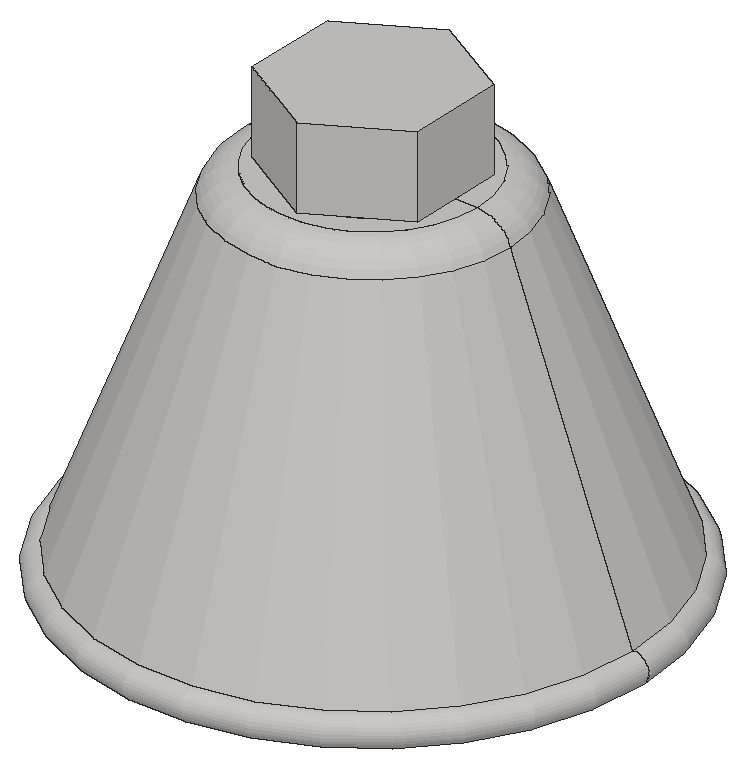
Revit family "Difusores de trompeta CO2_Aguilera Extincion", category Rociadores, Revit 2017
Family settings
  Mantener orientación de anotación = No
  Cota de conector redondo = Radio de uso
  Tipo de pieza = Normal
  Número OmniClass = 23.65.70.17.11.24
  Título OmniClass = Fire Fighting Sprinkler Heads
  Se basa en plano de trabajo = Sí
  Siempre vertical = Sí
  Corte con vacíos al cargar = No
  Compartido = No
  Punto de cálculo de habitación = No
Parameters (values of type "Difusor de trompeta 1/2" hembra")
  URL = "https://aguilera.es/?productos=difusores-de-trompeta-para-co2"
  Símbolo texto modelo = yes
  Símbolo = yes
  Rosca = 12.7 mm
  Rh = Hexagonal / 2  # 13.5 mm
  Respuesta = Norma
  Radio = Rosca / 2  # 6.35 mm
  Orificio = Norma
  Modelo = "AEX/DTCO12C"
  L = 74 mm
  Hr = Altura / 3.5  # 13.143 mm
  Hexagonal = 27 mm
  Fabricante = "Aguilera Extinción"  # constant formula
  Default Elevation = 0 mm
  Diámetro = 6.4 mm
  Descripción = "Componente que permite obtener un caudal predeterminado y una característica de distribución uniforme del agente extintor dentro o sobre el riesgo protegido."  # constant formula
  Dd = Altura / 4  # 11.5 mm
  Cobertura = Norma
  Clase de presión = Norma
  Altura = 46 mm
Types (4, lengths in mm): name | Rosca | Rh | Radio | Modelo | L | Hr | Hexagonal | Dd | Altura
  (no name) | 12.7 | 13.5 | 6.35 | "AEX/DTCO12C" | 74 | 13.143 | 27 | 11.5 | 46
  Difusor de trompeta 3/8" hembra | 9.5 | 11 | 4.75 | "AEX/DTCO38C" | 74 | 10 | 22 | 8.75 | 35
  Difusor de trompeta 1/2" hembra | 12.7 | 13.5 | 6.35 | "AEX/DTCO12C" | 74 | 13.143 | 27 | 11.5 | 46
  Difusor de trompeta 3/4" hembra | 19.1 | 16 | 9.55 | "AEX/DTCO34C" | 82 | 14.286 | 32 | 12.5 | 50
Reference planes
  plane 1 "Centro (Frontal/Posterior)": y = 0
  plane 2: z = 0
  plane 3 "Centro (Izquierda/Derecha)": x = 0
  plane 4: through (4267.2, 0, -48.641) normal (0, -0.866, 0.5)
  plane 5: z = -46
  plane 6: x = -13.5
  plane 7: x = 13.5
  plane 8: through (-11.25, -9.093, 3968.5) normal (0.5, 0.866, 0)
  plane 9: through (-4.5, 2.598, 3968.5) normal (0.5, 0.866, 0)
  plane 10: through (2.25, 14.289, 3968.5) normal (0.5, 0.866, 0)
  plane 11: through (11.25, -9.093, 3968.5) normal (0.5, -0.866, 0)
  plane 12: through (4.5, 2.598, 3968.5) normal (0.5, -0.866, 0)
  plane 13: through (-2.25, 14.289, 3968.5) normal (0.5, -0.866, 0)
  plane 14: z = -13.143
  plane 15: z = -74
Forms (mm)
  Extrusion 1, solid, material "Acero F212 Cromado", detail levels medium+fine
    sketch origin (0, 0, 0) x (1, 0, 0) y (0, 1, 0)
      loop
        line (13.5, 7.794) -> (0, 15.588) -> (-13.5, 7.794) -> (-13.5, -7.794) -> (0, -15.588) -> (13.5, -7.794) -> (13.5, 7.794)
    from 0 to -13.143
  Revolve 2, solid, material "Acero F212 Cromado", detail levels medium+fine
    sketch origin (0, 0, 0) x (1, 0, 0) y (0, 0, 1)
      loop
        line (0, -13.143) -> (-13.5, -13.143) -> (-13.5, -29.571) -> (-12.151, -29.571) -> (-12.151, -46) -> (0, -46) -> (0, -13.143)
      axis (0, -13.143) -> (0, -46)
    angle from 0 to 360
  Extrusion 3, void
    sketch origin (0, 0, 0) x (1, 0, 0) y (0, 0, 1)
      loop
        circle (0, -37.786) r 5.75
    from -15.588 to 15.588
  Extrusion 4, void
    sketch origin (0, 0, 0) x (0, -1, 0) y (0, 0, 1)
      loop
        circle (0, -36) r 5.75
    from -13.5 to 13.5
  Revolve 5, solid, material "Acero F212 Cromado", detail levels medium+fine
    sketch origin (0, 0, 0) x (1, 0, 0) y (0, 0, 1)
      loop
        line (0, -13.143) -> (-17.183, -13.143)
        arc (-17.183, -13.143) -> (-20.447, -14.339) -> (-22.554, -17.105) r 6.195
        line (-22.554, -17.105) -> (-42.466, -69)
        arc (-42.466, -69) -> (-44.966, -71.5) -> (-42.466, -74) r 2.5
        line (-42.466, -74) -> (-40.599, -74)
        arc (-40.599, -74) -> (-40.996, -71.858) -> (-40.599, -69.716) r 5.979
        line (-40.599, -69.716) -> (-20.686, -17.822)
        arc (-20.686, -17.822) -> (-19.314, -15.986) -> (-17.183, -15.143) r 4.207
        line (-17.183, -15.143) -> (0, -15.143) -> (0, -13.143)
      axis (0, -13.143) -> (0, -74)
    angle from 0 to 360
Cuts and joins
  Extrusion 3 cuts Revolve 2
Dimensions and locks
  equal spacing: plane 13, plane 12, plane 11
  "Hexagonal": plane 13 to plane 11
  equal spacing: plane 6, plane 3 "Centro (Izquierda/Derecha)", plane 7
  "Hexagonal": plane 6 to plane 7
  equal spacing: plane 10, plane 9, plane 8
  "Hexagonal": plane 10 to plane 8
  "Altura": plane 2 to plane 5
  "Rh": Revolve 2 sketch curve to Revolve 2 sketch curve
  equal spacing: Extrusion 1, Revolve 2 sketch curve, plane 5
  equal spacing: Revolve 2, Extrusion 3 sketch curve, Revolve 2
  Extrusion 4 sketch curve to plane 5 = 10 mm
  Revolve 2 sketch curve to Revolve 2 sketch curve = 1.349 mm
  "Hr": plane 2 to plane 14
  "L": level to plane 15
  "Dd": diameter of Extrusion 3 sketch curve
  "Dd": diameter of Extrusion 4 sketch curve
  aligned and locked: level to plane 2
  aligned and locked: Extrusion 1 sketch curve to plane 7
  aligned and locked: Extrusion 1 sketch curve to plane 6
  aligned and locked: plane 8 to Extrusion 1 sketch curve
  aligned and locked: plane 10 to Extrusion 1 sketch curve
  aligned and locked: plane 13 to Extrusion 1 sketch curve
  aligned and locked: Extrusion 1 sketch curve to plane 11
  aligned and locked: level to Extrusion 1
  aligned and locked: Revolve 2 sketch curve to Extrusion 1
  aligned and locked: plane 3 "Centro (Izquierda/Derecha)" to Revolve 2 sketch curve
  aligned and locked: Revolve 2 sketch curve to plane 3 "Centro (Izquierda/Derecha)"
  aligned and locked: Revolve 2 sketch curve to plane 5
  aligned and locked: Extrusion 1 to Extrusion 4  (x2)
  aligned and locked: Extrusion 3 to Extrusion 1
  aligned and locked: Extrusion 1 to Extrusion 3
  aligned and locked: Extrusion 1 to plane 14
  aligned and locked: plane 14 to Revolve 5 sketch curve
  aligned and locked: plane 15 to Revolve 5 sketch curve
  aligned and locked: plane 3 "Centro (Izquierda/Derecha)" to Revolve 5 sketch curve
  aligned and locked: Revolve 5 sketch curve to plane 3 "Centro (Izquierda/Derecha)"
Automatic sketch dimensions
  Revolve 5 sketch curve to plane 14 = 6.186 mm
  Revolve 5 sketch curve to plane 3 "Centro (Izquierda/Derecha)" = 16.758 mm
  Revolve 5 sketch curve to Revolve 5 sketch curve = 0.011 mm
  Revolve 5 sketch curve to plane 14 = 2 mm
  Revolve 5 sketch curve to Revolve 5 sketch curve = 0.413 mm
  Revolve 5 sketch curve to Revolve 5 sketch curve = 0 mm
  Revolve 5 sketch curve to plane 14 = 4.679 mm
  Revolve 5 sketch curve to plane 14 = 3.962 mm
  Revolve 5 sketch curve to Revolve 5 sketch curve = 1.867 mm  (x2)
  plane 15 to Revolve 5 sketch curve = 2.142 mm
  Revolve 5 sketch curve to plane 3 "Centro (Izquierda/Derecha)" = 35.017 mm
  Revolve 5 sketch curve to Revolve 5 sketch curve = 5.582 mm
  plane 15 to Revolve 5 sketch curve = 4.284 mm
  plane 15 to Revolve 5 sketch curve = 5 mm
  Revolve 5 sketch curve to plane 15 = 8.44 mm
  Revolve 5 sketch curve to Revolve 5 sketch curve = 10 mm
  Revolve 2 sketch curve to Revolve 2 sketch curve = 0.384 mm
  level to Revolve 2 sketch curve = 6.369 mm
  Extrusion 3 sketch curve to plane 3 "Centro (Izquierda/Derecha)" = 0 mm
  Extrusion 4 sketch curve to plane 1 "Centro (Frontal/Posterior)" = 0 mm
  plane 5 to Extrusion 4 sketch curve = 10 mm
Nested families
  nested 1: "S_Difusor radial_Aguilera Extinción" at (0, 0, 0), visible <- "Símbolo", type "S_Difusor radial_Aguilera Extinción", detail levels coarse
Connectors
  piping at (0, 0, 0), diameter 12.7, driven by "Radio", driven by "Modelo"
    settings: on Extrusion 1, index 1, connector inside diameter 609.6 mm, connector length 0 mm, flow factor 0, pipe flow 0.0 L/min, pressure drop 0.0 Pa, fitting loss kfactor 0, connector angle 0.00°, fixture units 0, engagement length 0 mm, angle of deflection 0.00°, flow configuration 0, flow direction 1, fitting loss method 0, system type 26, joint type 0, gender type 0, connector reference index -1, connector utility 0, adjustable connector no, is connector primary yes, connector description "AEX/DTCO12C"
Definition of nested family "S_Difusor radial_Aguilera Extinción"
  Parameters (values of type "S_Difusor radial_Aguilera Extinción")
    Texto símbolo = "Difusor radial"
    Texto modelo = yes
    Modelo = "AEX/DR114C"
  Reference planes
    plane 1: y = 0
    plane 2: x = 0
  Lines and regions (mm)
    detail lines
      curve 1: circle (0, 0, 0) r 1.49 normal (0, 0, 1)
      curve 2: line (1.699, 0, 0) -> (2.813, 0, 0)
      curve 3: line (1.201, 1.201, 0) -> (1.989, 1.989, 0)
      curve 4: line (0, 1.699, 0) -> (0, 2.813, 0)
      curve 5: line (-1.699, 0, 0) -> (-2.813, 0, 0)
      curve 6: line (-1.201, 1.201, 0) -> (-1.989, 1.989, 0)
      curve 7: line (1.201, -1.201, 0) -> (1.989, -1.989, 0)
      curve 8: line (0, -1.699, 0) -> (0, -2.813, 0)
      curve 9: line (-1.201, -1.201, 0) -> (-1.989, -1.989, 0)
  Text (mm)
    label "Texto símbolo" at (-0.164, 4.036, 0), shows "Texto símbolo", visible <- "Texto modelo"
    label "Modelo" at (-0.164, -4.339, 0), shows "Modelo", visible <- "Texto modelo"
